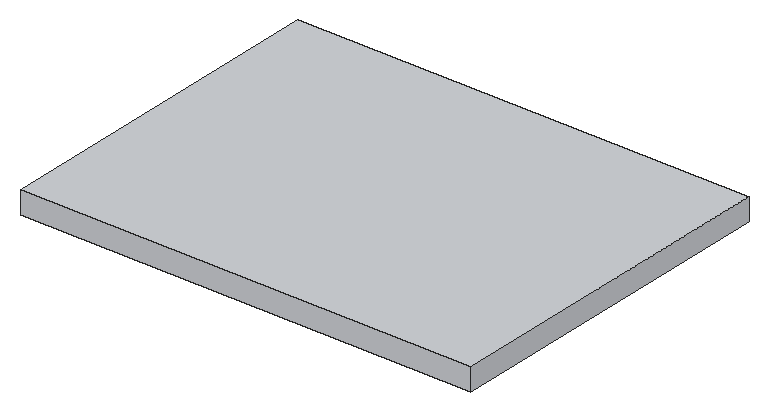
Revit family "GIS_Transformer_Base", category Modelos genéricos, Revit 2027
Family settings
  Pode hospedar o vergalhão = Não
  Cota do conector redondo = Utilizar diâmetro
  Tipo de parte = Normal
  Com base no plano de trabalho = Não
  Sempre na vertical = Sim
  Corte com vazios quando carregada = Não
  Manter orientação da anotação = Não
  Compartilhado = Não
  Ponto de cálculo do ambiente = Não
Parameters (values of type "TR_BASE_STUDY")
  Elevação padrão = 0 mm
  BIM_TensaoSecundaria_kV = 0
  BIM_TensaoNominal_kV = 0
  BIM_TensaoClasse_kV = 0
  BIM_TensaoClasseSecundaria_kV = 0
  BIM_Sistema_Elemento [instance] = ""
  BIM_ReferenciaCatalogo = "Portfolio estimate; structural/geotechnical design pending"
  BIM_Profundidade = 5400 mm
  BIM_Potencia_MVA = 0
  BIM_Localizacao [instance] = ""
  BIM_Largura = 7000 mm
  BIM_Impedancia_pu = 0
  BIM_FonteGeometria = "Portfolio estimate; structural/geotechnical design pending"
  BIM_Fabricante = "NAO SELECIONADO"
  BIM_EstadoGeometria = "ESTIMATED"
  BIM_EstadoEspecificacao = "PREMISSA / NAO SELECIONADO"
  BIM_DescricaoEstudo = "Base de concreto conceitual; projeto estrutural e geotecnico pendentes."
  BIM_CorrenteReferenciaSecundaria_A = 0
  BIM_CorrenteNominal_A = 0
  BIM_Bay [instance] = ""
  BIM_AlturaCorpoPrincipal = 350 mm
  BIM_Altura = 350 mm
Reference planes
  plane 1 "Centro (Frente/Trás)": y = 0
  plane 2: z = 0
  plane 3 "Centro (Esquerda/Direita)": x = 0
  plane 4 "BIM Left": x = -3500
  plane 5 "BIM Right": x = 3500
  plane 6 "BIM Front": y = -2700
  plane 7 "BIM Back": y = 2700
Forms (mm)
  Extrusion 1, solid
    sketch origin (0, 0, 0) x (1, 0, 0) y (0, 1, 0)
      loop
        line (-3500, -2700) -> (3500, -2700) -> (3500, 2700) -> (-3500, 2700) -> (-3500, -2700)
    from 0 to 350 <- "BIM_AlturaCorpoPrincipal"
Dimensions and locks
  "BIM_Largura": plane 4 "BIM Left" to plane 5 "BIM Right"
  "BIM_Profundidade": plane 6 "BIM Front" to plane 7 "BIM Back"
  aligned and locked: level to plane 2
  aligned and locked: plane 4 "BIM Left" to Extrusion 1
  aligned and locked: Extrusion 1 to plane 5 "BIM Right"
  aligned and locked: Extrusion 1 to plane 6 "BIM Front"
  aligned and locked: plane 7 "BIM Back" to Extrusion 1
Automatic sketch dimensions
  Extrusion 1 sketch curve to plane 4 "BIM Left" = 0 mm
  Extrusion 1 sketch curve to plane 5 "BIM Right" = 0 mm
  Extrusion 1 sketch curve to plane 6 "BIM Front" = 0 mm
  Extrusion 1 sketch curve to plane 7 "BIM Back" = 0 mm
